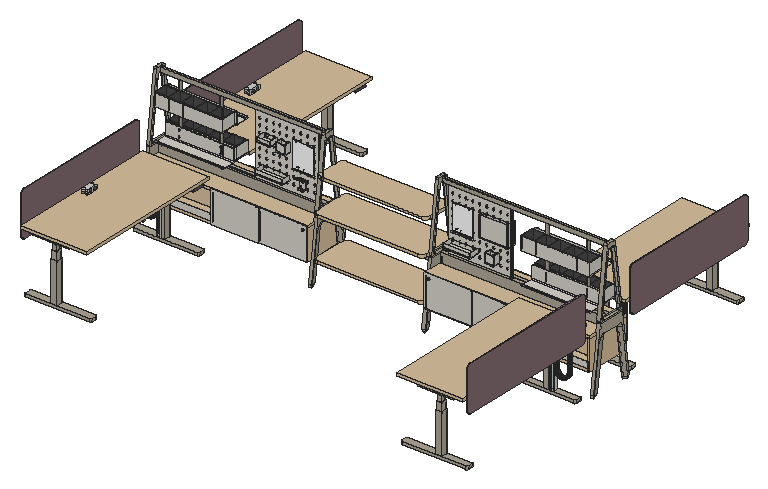
Revit family "Layout-Teknion-Expansion_Cityline_Upper_Structure_01-R2021", category Furniture Systems, Revit 2021 (continued)
Definition of nested family "Worksurface-Teknion-JNXRW_hiSpace_Rectangular_Worksurface_With_Quick_Connect_Kit-R2021"
  Parameters (values of type "Diamond & Square Cut-Outs - Left")
    Worksurface Finish [instance] = none
    Width Configuration Distance [instance] = if(Standard Width, 4.110", if([User Optimized Width (Accessory Restriction)], 1.110", 1.110"))  # 4.110"
    Width Configuration Option [instance] = "Select Width Configuration. Standard Width are Default"  # constant formula
    Width [instance] = 52.000"
    Warranty = "http://www.teknion.com/ca/papers/legal-canada"
    User Optimized Width (Accessory Restriction) [instance] = no
    Unit Weight URL = "http://www.teknion.com/ca/tools/assets#&asset=bee6a381-b954-425e-8283-5a2de3a804f2,f828d448-4b62-4231-9e5f-9a8991c0ed77"
    URL = "www.teknion.com"
    To render please download texture images found here [instance] = "https://assets.teknion.com/web/5e81352c1dfdb467/revit-material-swatches/"
    Sustainability Data = "https://www.teknion.com/ca/tools/assets#&topic=216f99a5-57a0-44fc-b10a-9dee9b29ae4c&asset=444deb64-fe58-4b68-981e-f75e97781df7,b4ff2d81-9f2e-437d-9659-7cffb09c31cf"
    Standard Width [instance] = not([User Optimized Width (Accessory Restriction)])  # yes
    Standard [instance] = no
    Square Cut-Out - Distance [instance] = if((and(Width < 48.000", Depth = 23.000")), 14.053", if((and(Width > 48.000", Depth = 23.000")), 15.553", 4.553"))  # 15.553"
    SR - Square Cut-Out - Right = no
    SL - Square Cut-Out - Left = no
    SC - Square Cut-Out - Center = no
    Series = "Expansion Cityline"  # constant formula
    Product Page URL = "https://www.teknion.com/ca/products/product-details?productLineId=9ad2a26e-8e7a-673b-a6c8-ff05004460c4"
    Product Line = "Height-Adjustability"  # constant formula
    Product Documentation Link = "https://www.teknion.com/pricing/expansion-cityline/pdfs/JNXRW_ppg.pdf"
    Part Number = "JNXRW"  # constant formula
    Node - Cut-Out Right [instance] = or([CR - Diamond & Square Cut-Outs - Right], [DR - Diamond Cut-Out - Right], [SR - Square Cut-Out - Right])  # no
    Node - Cut-Out Left [instance] = or([CL - Diamond & Square Cut-Outs - Left], [DL - Diamond Cut-Out - Left], [SL - Square Cut-Out - Left])  # yes
    Node - Cut-Out Center [instance] = or([CL - Diamond & Square Cut-Outs - Left], [CR - Diamond & Square Cut-Outs - Right], [DC - Diamond Cut-Out - Center], [SC - Square Cut-Out - Center])  # yes
    NN - None = no
    Model = "JNXRWCC____CL"
    Masking Region - Standard Corner, SR [instance] = and(Standard, [SR - Square Cut-Out - Right])  # no
    Masking Region - Standard Corner, SL [instance] = and(Standard, [SL - Square Cut-Out - Left])  # no
    Masking Region - Standard Corner, SC [instance] = and(Standard, [SC - Square Cut-Out - Center])  # no
    Masking Region - Standard Corner, NN [instance] = and(Standard, [NN - None])  # no
    Masking Region - Standard Corner, DR [instance] = and(Standard, [DR - Diamond Cut-Out - Right])  # no
    Masking Region - Standard Corner, DL [instance] = and(Standard, [DL - Diamond Cut-Out - Left])  # no
    Masking Region - Standard Corner, DC [instance] = and(Standard, [DC - Diamond Cut-Out - Center])  # no
    Masking Region - Standard Corner, CR [instance] = and(Standard, [CR - Diamond & Square Cut-Outs - Right])  # no
    Masking Region - Standard Corner, CL [instance] = and(Standard, [CL - Diamond & Square Cut-Outs - Left])  # no
    Masking Region - Curved Corner, SR [instance] = and(Curved, [SR - Square Cut-Out - Right])  # no
    Masking Region - Curved Corner, SL [instance] = and(Curved, [SL - Square Cut-Out - Left])  # no
    Masking Region - Curved Corner, SC [instance] = and(Curved, [SC - Square Cut-Out - Center])  # no
    Masking Region - Curved Corner, NN [instance] = and(Curved, [NN - None])  # no
    Masking Region - Curved Corner, DR [instance] = and(Curved, [DR - Diamond Cut-Out - Right])  # no
    Masking Region - Curved Corner, DL [instance] = and(Curved, [DL - Diamond Cut-Out - Left])  # no
    Masking Region - Curved Corner, DC [instance] = and(Curved, [DC - Diamond Cut-Out - Center])  # no
    Masking Region - Curved Corner, CR [instance] = and(Curved, [CR - Diamond & Square Cut-Outs - Right])  # no
    Masking Region - Curved Corner, CL [instance] = and(Curved, [CL - Diamond & Square Cut-Outs - Left])  # yes
    Manufacturer Phone = "416-661-3370"  # constant formula
    Manufacturer Fax = "416.661.4586"  # constant formula
    Manufacturer Contact Information = "http://www.teknion.com/ca/contactus"
    Manufacturer Address = "1150 Flint Road, Toronto, ON. M3J 2J5. Canada"  # constant formula
    Manufacturer = "Teknion"  # constant formula
    How To Use Teknion Materials User Guide [instance] = "https://assets.teknion.com/m/205dd0a49fa58060/original/How-to-add-a-Material-Library-and-Texture-Images-to-your-Revit-project.pdf"
    Grommet - Square Right = or([SR - Square Cut-Out - Right], [CR - Diamond & Square Cut-Outs - Right])  # no
    Grommet - Square Left = or([SL - Square Cut-Out - Left], [CL - Diamond & Square Cut-Outs - Left])  # yes
    Grommet - Square Center = [SC - Square Cut-Out - Center]  # no
    Frame Finish [instance] = none
    For Additional Finishes please visit [instance] = "https://assets.teknion.com/m/44a8009b046e5d47/original/Teknion_Materials_Library.zip"
    Diamond Cut-Out - Distance [instance] = if((Depth = 23.000"), 14.358", 3.358")  # 14.358"
    Description = "hiSpace Rectangular Worksurface With Quick Connect Kit - C-Legs Leg Application, Diamond & Square Cut-Outs - Left Cut-Out Style"
    Depth [instance] = 23.000"
    Default Elevation = 0.000"
    DR - Diamond Cut-Out - Right = no
    DL - Diamond Cut-Out - Left = no
    DC - Diamond Cut-Out - Center = no
    Cut-Out Style Option = "Cut-Out Style"  # constant formula
    Cut-Out - Square Right = if([SR - Square Cut-Out - Right], 10.000", if([CR - Diamond & Square Cut-Outs - Right], 10.000", 0.500"))  # 0.500"
    Cut-Out - Square Left = if([SL - Square Cut-Out - Left], 10.000", if([CL - Diamond & Square Cut-Outs - Left], 10.000", 0.500"))  # 10.000"
    Cut-Out - Square Center = if([SC - Square Cut-Out - Center], 10.000", 0.500")  # 0.500"
    Cut-Out - Diamond Right = if([DR - Diamond Cut-Out - Right], 10.000", 0.500")  # 0.500"
    Cut-Out - Diamond Left = if([DL - Diamond Cut-Out - Left], 10.000", 0.500")  # 0.500"
    Cut-Out - Diamond Center = if([DC - Diamond Cut-Out - Center], 10.000", if([CL - Diamond & Square Cut-Outs - Left], 10.000", if([CR - Diamond & Square Cut-Outs - Right], 10.000", 0.500")))  # 10.000"
    Curved [instance] = not(Standard)  # yes
    Corner Detail Option [instance] = "Select Corner Detail. Curved are Default"  # constant formula
    CR - Diamond & Square Cut-Outs - Right = no
    CL - Diamond & Square Cut-Outs - Left = yes
    Available Width [instance] = if([DC - Diamond Cut-Out - Center], "46, 52, 55, 58, 61, 64, 67 & 70 Inch", "46, 49, 52, 55, 58, 61, 64, 67 & 70 Inch")  # "46, 49, 52, 55, 58, 61, 64, 67 & 70 Inch"
    Available Depth [instance] = if(or([DL - Diamond Cut-Out - Left], [DR - Diamond Cut-Out - Right]), "23 & 29 Inch. Depth 23 Inch not Available for Width 46.", "23 & 29 Inch")  # "23 & 29 Inch"
    Assembly Code = "E2020200"
  Types (10): name | Width Configuration Distance | Width | User Optimized Width (Accessory Restriction) | Standard Width | Standard | Square Cut-Out - Distance | SR - Square Cut-Out - Right | SL - Square Cut-Out - Left | SC - Square Cut-Out - Center | Node - Cut-Out Right | Node - Cut-Out Left | Node - Cut-Out Center | NN - None | Model | Masking Region - Standard Corner, DC | Masking Region - Curved Corner, SR | Masking Region - Curved Corner, SL | Masking Region - Curved Corner, SC | Masking Region - Curved Corner, NN | Masking Region - Curved Corner, DR | Masking Region - Curved Corner, DL | Masking Region - Curved Corner, CR | Masking Region - Curved Corner, CL | Grommet - Square Right | Grommet - Square Left | Grommet - Square Center | Description | DR - Diamond Cut-Out - Right | DL - Diamond Cut-Out - Left | DC - Diamond Cut-Out - Center | Cut-Out - Square Right | Cut-Out - Square Left | Cut-Out - Square Center | Cut-Out - Diamond Right | Cut-Out - Diamond Left | Cut-Out - Diamond Center | Curved | CR - Diamond & Square Cut-Outs - Right | CL - Diamond & Square Cut-Outs - Left | Available Width | Available Depth
    (no name) | 4.110" | 52.000" | no | yes | no | 15.553" | no | no | no | no | yes | yes | no | "JNXRWCC____CL" | no | no | no | no | no | no | no | no | yes | no | yes | no | "hiSpace Rectangular Worksurface With Quick Connect Kit - C-Legs Leg Application, Diamond & Square Cut-Outs - Left Cut-Out Style" | no | no | no | 0.500" | 10.000" | 0.500" | 0.500" | 0.500" | 10.000" | yes | no | yes | "46, 49, 52, 55, 58, 61, 64, 67 & 70 Inch" | "23 & 29 Inch"
    Diamond & Square Cut-Outs - Left | 4.110" | 52.000" | no | yes | no | 15.553" | no | no | no | no | yes | yes | no | "JNXRWCC____CL" | no | no | no | no | no | no | no | no | yes | no | yes | no | "hiSpace Rectangular Worksurface With Quick Connect Kit - C-Legs Leg Application, Diamond & Square Cut-Outs - Left Cut-Out Style" | no | no | no | 0.500" | 10.000" | 0.500" | 0.500" | 0.500" | 10.000" | yes | no | yes | "46, 49, 52, 55, 58, 61, 64, 67 & 70 Inch" | "23 & 29 Inch"
    Diamond & Square Cut-Outs - Right | 4.110" | 70.000" | no | yes | no | 15.553" | no | no | no | yes | no | yes | no | "JNXRWCC____CR" | no | no | no | no | no | no | no | yes | no | yes | no | no | "hiSpace Rectangular Worksurface With Quick Connect Kit - C-Legs Leg Application, Diamond & Square Cut-Outs - Right Cut-Out Style" | no | no | no | 10.000" | 0.500" | 0.500" | 0.500" | 0.500" | 10.000" | yes | yes | no | "46, 49, 52, 55, 58, 61, 64, 67 & 70 Inch" | "23 & 29 Inch"
    Diamond Cut-Out - Center | 1.110" | 52.000" | yes | no | yes | 15.553" | no | no | no | no | no | yes | no | "JNXRWCC____DC" | yes | no | no | no | no | no | no | no | no | no | no | no | "hiSpace Rectangular Worksurface With Quick Connect Kit - C-Legs Leg Application, Diamond Cut-Out - Center Cut-Out Style" | no | no | yes | 0.500" | 0.500" | 0.500" | 0.500" | 0.500" | 10.000" | no | no | no | "46, 52, 55, 58, 61, 64, 67 & 70 Inch" | "23 & 29 Inch"
    Diamond Cut-Out - Left | 4.110" | 52.000" | no | yes | no | 15.553" | no | no | no | no | yes | no | no | "JNXRWCC____DL" | no | no | no | no | no | no | yes | no | no | no | no | no | "hiSpace Rectangular Worksurface With Quick Connect Kit - C-Legs Leg Application, Diamond Cut-Out - Left Cut-Out Style" | no | yes | no | 0.500" | 0.500" | 0.500" | 0.500" | 10.000" | 0.500" | yes | no | no | "46, 49, 52, 55, 58, 61, 64, 67 & 70 Inch" | "23 & 29 Inch. Depth 23 Inch not Available for Width 46."
    Diamond Cut-Out - Right | 4.110" | 52.000" | no | yes | no | 15.553" | no | no | no | yes | no | no | no | "JNXRWCC____DR" | no | no | no | no | no | yes | no | no | no | no | no | no | "hiSpace Rectangular Worksurface With Quick Connect Kit - C-Legs Leg Application, Diamond Cut-Out - Right Cut-Out Style" | yes | no | no | 0.500" | 0.500" | 0.500" | 10.000" | 0.500" | 0.500" | yes | no | no | "46, 49, 52, 55, 58, 61, 64, 67 & 70 Inch" | "23 & 29 Inch. Depth 23 Inch not Available for Width 46."
    None Cut-Out | 4.110" | 52.000" | no | yes | no | 15.553" | no | no | no | no | no | no | yes | "JNXRWCC____NN" | no | no | no | no | yes | no | no | no | no | no | no | no | "hiSpace Rectangular Worksurface With Quick Connect Kit - C-Legs Leg Application, None Cut-Out Style" | no | no | no | 0.500" | 0.500" | 0.500" | 0.500" | 0.500" | 0.500" | yes | no | no | "46, 49, 52, 55, 58, 61, 64, 67 & 70 Inch" | "23 & 29 Inch"
    Square Cut-Out - Center | 4.110" | 52.000" | no | yes | no | 15.553" | no | no | yes | no | no | yes | no | "JNXRWCC____SC" | no | no | no | yes | no | no | no | no | no | no | no | yes | "hiSpace Rectangular Worksurface With Quick Connect Kit - C-Legs Leg Application, Square Cut-Out - Center Cut-Out Style" | no | no | no | 0.500" | 0.500" | 10.000" | 0.500" | 0.500" | 0.500" | yes | no | no | "46, 49, 52, 55, 58, 61, 64, 67 & 70 Inch" | "23 & 29 Inch"
    Square Cut-Out - Left | 4.110" | 46.000" | no | yes | no | 14.053" | no | yes | no | no | yes | no | no | "JNXRWCC____SL" | no | no | yes | no | no | no | no | no | no | no | yes | no | "hiSpace Rectangular Worksurface With Quick Connect Kit - C-Legs Leg Application, Square Cut-Out - Left Cut-Out Style" | no | no | no | 0.500" | 10.000" | 0.500" | 0.500" | 0.500" | 0.500" | yes | no | no | "46, 49, 52, 55, 58, 61, 64, 67 & 70 Inch" | "23 & 29 Inch"
    Square Cut-Out - Right | 4.110" | 52.000" | no | yes | no | 15.553" | yes | no | no | yes | no | no | no | "JNXRWCC____SR" | no | yes | no | no | no | no | no | no | no | yes | no | no | "hiSpace Rectangular Worksurface With Quick Connect Kit - C-Legs Leg Application, Square Cut-Out - Right Cut-Out Style" | no | no | no | 10.000" | 0.500" | 0.500" | 0.500" | 0.500" | 0.500" | yes | no | no | "46, 49, 52, 55, 58, 61, 64, 67 & 70 Inch" | "23 & 29 Inch"
  Reference planes (in)
    plane 1 "Center Front/Back": y = 0
    plane 2: z = 0
    plane 3 "Center Left/Right": x = 0
    plane 4 "Left": x = -26
    plane 5 "Right": x = 26
    plane 6 "Back": y = 11.5
    plane 7 "Front": y = -11.5
    plane 8 "Top": z = 29
    plane 9: x = -21.89
    plane 10: x = 21.89
    plane 11: z = 27.81102
  Forms (in)
    Sweep 1, solid, material <- "Worksurface Finish", visible <- "Standard"
      path origin (0, 0, 0) x (1, 0, 0) y (0, 0, 1)
        loop
          line (0, 29) -> (0, 27.81102)
      profile origin (0, 0, 28.40551) x (0, -1, 0) y (1, 0, 0)
        loop
          line (-11.5, -26) -> (11.5, -26) -> (11.5, 26) -> (-11.5, 26) -> (-11.5, -26)
    Sweep 2, solid, material <- "Frame Finish"
      path origin (0, 0, 0) x (1, 0, 0) y (0, 1, 0)
        loop
          line (20.55118, 0) -> (-20.55118, 0)
      profile origin (0, 0, 0) x (0, -1, 0) y (0, 0, 1)
        loop
          line (1.34638, 27.69291) -> (2.09441, 27.69291) -> (2.09441, 27.81102) -> (1.22827, 27.81102) -> (1.22827, 26.70866) -> (1.34638, 26.70866) -> (1.34638, 27.69291)
        loop
          line (-5.10638, 26.70866) -> (-4.98827, 26.70866) -> (-4.98827, 27.81102) -> (-5.85441, 27.81102) -> (-5.85441, 27.69291) -> (-5.10638, 27.69291) -> (-5.10638, 26.70866)
    Sweep 3, solid, material <- "Frame Finish"
      path origin (0, 0, 0) x (1, 0, 0) y (0, 1, 0)
        loop
          line (0, 9.75402) -> (0, -5.99402)
      profile origin (0, 1.88, 0) x (1, 0, 0) y (0, 0, 1)
        loop
          line (-21.77189, 27.69291) -> (-20.61047, 27.69291) -> (-20.61047, 27.81102) -> (-21.89, 27.81102) -> (-21.89, 26.59055) -> (-21.77189, 26.59055) -> (-21.77189, 27.69291)
        loop
          line (21.77189, 27.69291) -> (21.77189, 26.59055) -> (21.89, 26.59055) -> (21.89, 27.81102) -> (20.61047, 27.81102) -> (20.61047, 27.69291) -> (21.77189, 27.69291)
    Sweep 4, solid, material <- "Frame Finish"
      path origin (0, 0, 0) x (1, 0, 0) y (0, 1, 0)
        loop
          line (-9.17346, 0) -> (-20.61047, 0)
      profile origin (-14.89197, 0, 0) x (0, -1, 0) y (0, 0, 1)
        loop
          line (0.03929, 26.62205) -> (1.22827, 26.62205) -> (1.22827, 27.81102) -> (0.03929, 27.81102) -> (0.03929, 26.62205)
        loop
          line (-4.98827, 26.62205) -> (-3.79929, 26.62205) -> (-3.79929, 27.81102) -> (-4.98827, 27.81102) -> (-4.98827, 26.62205)
    Sweep 5, solid, material <- "Frame Finish"
      path origin (0, 0, 0) x (1, 0, 0) y (0, 1, 0)
        loop
          line (9.17346, 0) -> (20.61047, 0)
      profile origin (14.89197, 0, 0) x (0, 1, 0) y (0, 0, 1)
        loop
          line (-0.03929, 26.62205) -> (-0.03929, 27.81102) -> (-1.22827, 27.81102) -> (-1.22827, 26.62205) -> (-0.03929, 26.62205)
        loop
          line (3.79929, 26.62205) -> (4.98827, 26.62205) -> (4.98827, 27.81102) -> (3.79929, 27.81102) -> (3.79929, 26.62205)
    Sweep 6, solid, material <- "Frame Finish"
      path origin (0, 0, 0) x (1, 0, 0) y (0, 0, 1)
        loop
          line (0, 27.69291) -> (0, 27.81102)
      profile origin (0, 0, 27.75197) x (-1, 0, 0) y (0, -1, 0)
        loop
          line (11.92937, -3.79929) -> (11.92937, 0.03929) -> (10.74827, 0.03929) -> (10.74827, -0.80414)
          arc (10.74827, -0.80414) -> (11.31913, -1.88) -> (10.74827, -2.95586) r 1.29921
          line (10.74827, -2.95586) -> (10.74827, -3.79929) -> (11.92937, -3.79929)
        loop
          line (-11.92937, 0.03929) -> (-11.92937, -3.79929) -> (-10.74827, -3.79929) -> (-10.74827, -2.95586)
          arc (-10.74827, -2.95586) -> (-11.31913, -1.88) -> (-10.74827, -0.80414) r 1.29921
          line (-10.74827, -0.80414) -> (-10.74827, 0.03929) -> (-11.92937, 0.03929)
    Sweep 7, solid, material <- "Worksurface Finish", visible <- "Curved"
      path origin (0, 0, 0) x (1, 0, 0) y (0, 0, 1)
        loop
          line (0, 29) -> (0, 27.81102)
      profile origin (0, 0, 28.40551) x (0, -1, 0) y (1, 0, 0)
        loop
          line (-8.62598, -26) -> (8.62598, -26)
          arc (8.62598, -26) -> (10.65822, -25.15822) -> (11.5, -23.12598) r 2.87402
          line (11.5, -23.12598) -> (11.5, 23.12598)
          arc (11.5, 23.12598) -> (10.65822, 25.15822) -> (8.62598, 26) r 2.87402
          line (8.62598, 26) -> (-8.62598, 26)
          arc (-8.62598, 26) -> (-10.65822, 25.15822) -> (-11.5, 23.12598) r 2.87402
          line (-11.5, 23.12598) -> (-11.5, -23.12598)
          arc (-11.5, -23.12598) -> (-10.65822, -25.15822) -> (-8.62598, -26) r 2.87402
    Sweep 8, void
      path origin (0, 0, 0) x (1, 0, 0) y (0, 0, 1)
        loop
          line (0, 33) -> (0, 32.5)
      profile origin (0, 0, 32.75) x (0, -1, 0) y (1, 0, 0)
        loop
          arc (-8.58465, 10.447) -> (-8.83965, 10.34137) -> (-8.94528, 10.08637) r 0.36063
          line (-8.94528, 10.08637) -> (-8.94528, 8.91314)
          arc (-8.94528, 8.91314) -> (-8.83965, 8.65814) -> (-8.58465, 8.55251) r 0.36063
          line (-8.58465, 8.55251) -> (-7.41142, 8.55251)
          arc (-7.41142, 8.55251) -> (-7.15641, 8.65814) -> (-7.05079, 8.91314) r 0.36063
          line (-7.05079, 8.91314) -> (-7.05079, 10.08637)
          arc (-7.05079, 10.08637) -> (-7.15641, 10.34137) -> (-7.41142, 10.447) r 0.36063
          line (-7.41142, 10.447) -> (-8.58465, 10.447)
    Sweep 9, void
      path origin (0, 0, 0) x (1, 0, 0) y (0, 0, 1)
        loop
          line (0, 33) -> (0, 23)
      profile origin (0, 0, 28) x (0, -1, 0) y (1, 0, 0)
        loop
          line (-7.41142, -8.55251) -> (-8.58465, -8.55251)
          arc (-8.58465, -8.55251) -> (-8.83965, -8.65814) -> (-8.94528, -8.91314) r 0.36063
          line (-8.94528, -8.91314) -> (-8.94528, -10.08637)
          arc (-8.94528, -10.08637) -> (-8.83965, -10.34137) -> (-8.58465, -10.447) r 0.36063
          line (-8.58465, -10.447) -> (-7.41142, -10.447)
          arc (-7.41142, -10.447) -> (-7.15641, -10.34137) -> (-7.05079, -10.08637) r 0.36063
          line (-7.05079, -10.08637) -> (-7.05079, -8.91314)
          arc (-7.05079, -8.91314) -> (-7.15641, -8.65814) -> (-7.41142, -8.55251) r 0.36063
    Sweep 10, void
      path origin (0, 0, 0) x (1, 0, 0) y (0, 0, 1)
        loop
          line (0, 33) -> (0, 32.5)
      profile origin (0, 0, 32.75) x (0, -1, 0) y (1, 0, 0)
        loop
          arc (-8.58465, 0.94724) -> (-8.83965, 0.84162) -> (-8.94528, 0.58661) r 0.36063
          line (-8.94528, 0.58661) -> (-8.94528, -0.58661)
          arc (-8.94528, -0.58661) -> (-8.83965, -0.84162) -> (-8.58465, -0.94724) r 0.36063
          line (-8.58465, -0.94724) -> (-7.41142, -0.94724)
          arc (-7.41142, -0.94724) -> (-7.15641, -0.84162) -> (-7.05079, -0.58661) r 0.36063
          line (-7.05079, -0.58661) -> (-7.05079, 0.58661)
          arc (-7.05079, 0.58661) -> (-7.15641, 0.84162) -> (-7.41142, 0.94724) r 0.36063
          line (-7.41142, 0.94724) -> (-8.58465, 0.94724)
    Sweep 11, solid, visible <- "Grommet - Square Center"
      path origin (0, 0, 0) x (1, 0, 0) y (0, 0, 1)
        loop
          line (0, 29) -> (0, 27.44488)
      profile origin (0, 0, 28.22244) x (0, -1, 0) y (1, 0, 0)
        loop
          arc (-8.87441, -0.58661) -> (-8.78954, -0.79151) -> (-8.58465, -0.87638) r 0.28976
          line (-8.58465, -0.87638) -> (-7.41142, -0.87638)
          arc (-7.41142, -0.87638) -> (-7.20652, -0.79151) -> (-7.12165, -0.58661) r 0.28976
          line (-7.12165, -0.58661) -> (-7.12165, 0.58661)
          arc (-7.12165, 0.58661) -> (-7.20652, 0.79151) -> (-7.41142, 0.87638) r 0.28976
          line (-7.41142, 0.87638) -> (-8.58465, 0.87638)
          arc (-8.58465, 0.87638) -> (-8.78954, 0.79151) -> (-8.87441, 0.58661) r 0.28976
          line (-8.87441, 0.58661) -> (-8.87441, -0.58661)
        loop
          arc (-8.94528, -0.58661) -> (-8.83965, -0.84162) -> (-8.58465, -0.94724) r 0.36063
          line (-8.58465, -0.94724) -> (-7.41142, -0.94724)
          arc (-7.41142, -0.94724) -> (-7.15641, -0.84162) -> (-7.05079, -0.58661) r 0.36063
          line (-7.05079, -0.58661) -> (-7.05079, 0.58661)
          arc (-7.05079, 0.58661) -> (-7.15641, 0.84162) -> (-7.41142, 0.94724) r 0.36063
          line (-7.41142, 0.94724) -> (-8.58465, 0.94724)
          arc (-8.58465, 0.94724) -> (-8.83965, 0.84162) -> (-8.94528, 0.58661) r 0.36063
          line (-8.94528, 0.58661) -> (-8.94528, -0.58661)
    Sweep 12, solid, visible <- "Grommet - Square Right"
      path origin (0, 0, 0) x (1, 0, 0) y (0, 0, 1)
        loop
          line (26, 27.44488) -> (26, 29)
      profile origin (26, 0, 28.22244) x (-1, 0, 0) y (0, -1, 0)
        loop
          arc (17.08686, -8.87441) -> (17.29175, -8.78954) -> (17.37662, -8.58465) r 0.28976
          line (17.37662, -8.58465) -> (17.37662, -7.41142)
          arc (17.37662, -7.41142) -> (17.29175, -7.20652) -> (17.08686, -7.12165) r 0.28976
          line (17.08686, -7.12165) -> (15.91363, -7.12165)
          arc (15.91363, -7.12165) -> (15.70874, -7.20652) -> (15.62387, -7.41142) r 0.28976
          line (15.62387, -7.41142) -> (15.62387, -8.58465)
          arc (15.62387, -8.58465) -> (15.70874, -8.78954) -> (15.91363, -8.87441) r 0.28976
          line (15.91363, -8.87441) -> (17.08686, -8.87441)
        loop
          line (15.91363, -8.94528) -> (17.08686, -8.94528)
          arc (17.08686, -8.94528) -> (17.34186, -8.83965) -> (17.44749, -8.58465) r 0.36063
          line (17.44749, -8.58465) -> (17.44749, -7.41142)
          arc (17.44749, -7.41142) -> (17.34186, -7.15641) -> (17.08686, -7.05079) r 0.36063
          line (17.08686, -7.05079) -> (15.91363, -7.05079)
          arc (15.91363, -7.05079) -> (15.65863, -7.15641) -> (15.553, -7.41142) r 0.36063
          line (15.553, -7.41142) -> (15.553, -8.58465)
          arc (15.553, -8.58465) -> (15.65863, -8.83965) -> (15.91363, -8.94528) r 0.36063
    Sweep 13, solid, visible <- "Grommet - Square Left"
      path origin (0, 0, 0) x (1, 0, 0) y (0, 0, 1)
        loop
          line (-26, 27.44488) -> (-26, 29)
      profile origin (-26, 0, 28.22244) x (-1, 0, 0) y (0, -1, 0)
        loop
          arc (-15.91363, -8.87441) -> (-15.70874, -8.78954) -> (-15.62387, -8.58465) r 0.28976
          line (-15.62387, -8.58465) -> (-15.62387, -7.41142)
          arc (-15.62387, -7.41142) -> (-15.70874, -7.20652) -> (-15.91363, -7.12165) r 0.28976
          line (-15.91363, -7.12165) -> (-17.08686, -7.12165)
          arc (-17.08686, -7.12165) -> (-17.29175, -7.20652) -> (-17.37662, -7.41142) r 0.28976
          line (-17.37662, -7.41142) -> (-17.37662, -8.58465)
          arc (-17.37662, -8.58465) -> (-17.29175, -8.78954) -> (-17.08686, -8.87441) r 0.28976
          line (-17.08686, -8.87441) -> (-15.91363, -8.87441)
        loop
          line (-17.08686, -8.94528) -> (-15.91363, -8.94528)
          arc (-15.91363, -8.94528) -> (-15.65863, -8.83965) -> (-15.553, -8.58465) r 0.36063
          line (-15.553, -8.58465) -> (-15.553, -7.41142)
          arc (-15.553, -7.41142) -> (-15.65863, -7.15641) -> (-15.91363, -7.05079) r 0.36063
          line (-15.91363, -7.05079) -> (-17.08686, -7.05079)
          arc (-17.08686, -7.05079) -> (-17.34186, -7.15641) -> (-17.44749, -7.41142) r 0.36063
          line (-17.44749, -7.41142) -> (-17.44749, -8.58465)
          arc (-17.44749, -8.58465) -> (-17.34186, -8.83965) -> (-17.08686, -8.94528) r 0.36063
    Sweep 14, void
      path origin (0, 0, 0) x (1, 0, 0) y (0, 0, 1)
        loop
          line (0, 34) -> (0, 24)
      profile origin (0, 0, 29) x (0, -1, 0) y (1, 0, 0)
        loop
          arc (-9.02424, 0.29194) -> (-9.06496, 0) -> (-9.02424, -0.29194) r 1.06693
          line (-9.02424, -0.29194) -> (-8.49788, -2.1422)
          arc (-8.49788, -2.1422) -> (-7.99803, -2.51969) -> (-7.49818, -2.1422) r 0.51969
          line (-7.49818, -2.1422) -> (-6.97182, -0.29194)
          arc (-6.97182, -0.29194) -> (-6.9311, 0) -> (-6.97182, 0.29194) r 1.06693
          line (-6.97182, 0.29194) -> (-7.49818, 2.1422)
          arc (-7.49818, 2.1422) -> (-7.99803, 2.51969) -> (-8.49788, 2.1422) r 0.51969
          line (-8.49788, 2.1422) -> (-9.02424, 0.29194)
    Sweep 15, void
      path origin (0, 0, 0) x (1, 0, 0) y (0, 0, 1)
        loop
          line (0, 34) -> (0, 33.5)
      profile origin (0, 0, 33.75) x (0, -1, 0) y (1, 0, 0)
        loop
          line (-9.02424, -9.79174) -> (-8.49788, -11.642)
          arc (-8.49788, -11.642) -> (-7.99803, -12.01949) -> (-7.49818, -11.642) r 0.51969
          line (-7.49818, -11.642) -> (-6.97182, -9.79174)
          arc (-6.97182, -9.79174) -> (-6.9311, -9.4998) -> (-6.97182, -9.20787) r 1.06693
          line (-6.97182, -9.20787) -> (-7.49818, -7.35761)
          arc (-7.49818, -7.35761) -> (-7.99803, -6.98012) -> (-8.49788, -7.35761) r 0.51969
          line (-8.49788, -7.35761) -> (-9.02424, -9.20787)
          arc (-9.02424, -9.20787) -> (-9.06496, -9.4998) -> (-9.02424, -9.79174) r 1.06693
    Sweep 16, void
      path origin (0, 0, 0) x (1, 0, 0) y (0, 0, 1)
        loop
          line (0, 34) -> (0, 33.5)
      profile origin (0, 0, 33.75) x (0, -1, 0) y (1, 0, 0)
        loop
          arc (-9.02424, 9.79174) -> (-9.06496, 9.4998) -> (-9.02424, 9.20787) r 1.06693
          line (-9.02424, 9.20787) -> (-8.49788, 7.35761)
          arc (-8.49788, 7.35761) -> (-7.99803, 6.98012) -> (-7.49818, 7.35761) r 0.51969
          line (-7.49818, 7.35761) -> (-6.97182, 9.20787)
          arc (-6.97182, 9.20787) -> (-6.9311, 9.4998) -> (-6.97182, 9.79174) r 1.06693
          line (-6.97182, 9.79174) -> (-7.49818, 11.642)
          arc (-7.49818, 11.642) -> (-7.99803, 12.01949) -> (-8.49788, 11.642) r 0.51969
          line (-8.49788, 11.642) -> (-9.02424, 9.79174)
  Cuts and joins
    Sweep 8, Sweep 9, Sweep 10, Sweep 14, Sweep 15, Sweep 16 cuts Sweep 7
    Sweep 8, Sweep 9, Sweep 10, Sweep 14, Sweep 15, Sweep 16 cuts Sweep 1
  Lines and regions (in)
    Masking region 1, visible <- "Masking Region - Standard Corner, NN"
      outline origin (0, 0, 0) x (1, 0, 0) y (0, 1, 0)
        loop
          line (26, 11.5) -> (-26, 11.5) -> (-26, -11.5) -> (26, -11.5) -> (26, 11.5)
    Masking region 2, visible <- "Masking Region - Curved Corner, NN"
      outline origin (0, 0, 0) x (1, 0, 0) y (0, 1, 0)
        loop
          arc (-23.12598, 11.5) -> (-25.15822, 10.65822) -> (-26, 8.62598) r 2.87402
          line (-26, 8.62598) -> (-26, -8.62598)
          arc (-26, -8.62598) -> (-25.15822, -10.65822) -> (-23.12598, -11.5) r 2.87402
          line (-23.12598, -11.5) -> (23.12598, -11.5)
          arc (23.12598, -11.5) -> (25.15822, -10.65822) -> (26, -8.62598) r 2.87402
          line (26, -8.62598) -> (26, 8.62598)
          arc (26, 8.62598) -> (25.15822, 10.65822) -> (23.12598, 11.5) r 2.87402
          line (23.12598, 11.5) -> (-23.12598, 11.5)
    Masking region 3, visible <- "Masking Region - Standard Corner, SC"
      outline origin (0, 0, 0) x (1, 0, 0) y (0, 1, 0)
        loop
          line (26, 11.5) -> (-26, 11.5) -> (-26, -11.5) -> (26, -11.5) -> (26, 11.5)
        loop
          arc (-0.58661, 8.87441) -> (-0.79151, 8.78954) -> (-0.87638, 8.58465) r 0.28976
          line (-0.87638, 8.58465) -> (-0.87638, 7.41142)
          arc (-0.87638, 7.41142) -> (-0.79151, 7.20652) -> (-0.58661, 7.12165) r 0.28976
          line (-0.58661, 7.12165) -> (0.58661, 7.12165)
          arc (0.58661, 7.12165) -> (0.79151, 7.20652) -> (0.87638, 7.41142) r 0.28976
          line (0.87638, 7.41142) -> (0.87638, 8.58465)
          arc (0.87638, 8.58465) -> (0.79151, 8.78954) -> (0.58661, 8.87441) r 0.28976
          line (0.58661, 8.87441) -> (-0.58661, 8.87441)
    Masking region 4, visible <- "Masking Region - Curved Corner, SC"
      outline origin (0, 0, 0) x (1, 0, 0) y (0, 1, 0)
        loop
          arc (-23.12598, 11.5) -> (-25.15822, 10.65822) -> (-26, 8.62598) r 2.87402
          line (-26, 8.62598) -> (-26, -8.62598)
          arc (-26, -8.62598) -> (-25.15822, -10.65822) -> (-23.12598, -11.5) r 2.87402
          line (-23.12598, -11.5) -> (23.12598, -11.5)
          arc (23.12598, -11.5) -> (25.15822, -10.65822) -> (26, -8.62598) r 2.87402
          line (26, -8.62598) -> (26, 8.62598)
          arc (26, 8.62598) -> (25.15822, 10.65822) -> (23.12598, 11.5) r 2.87402
          line (23.12598, 11.5) -> (-23.12598, 11.5)
        loop
          arc (-0.58661, 8.87441) -> (-0.79151, 8.78954) -> (-0.87638, 8.58465) r 0.28976
          line (-0.87638, 8.58465) -> (-0.87638, 7.41142)
          arc (-0.87638, 7.41142) -> (-0.79151, 7.20652) -> (-0.58661, 7.12165) r 0.28976
          line (-0.58661, 7.12165) -> (0.58661, 7.12165)
          arc (0.58661, 7.12165) -> (0.79151, 7.20652) -> (0.87638, 7.41142) r 0.28976
          line (0.87638, 7.41142) -> (0.87638, 8.58465)
          arc (0.87638, 8.58465) -> (0.79151, 8.78954) -> (0.58661, 8.87441) r 0.28976
          line (0.58661, 8.87441) -> (-0.58661, 8.87441)
    Masking region 5, visible <- "Masking Region - Standard Corner, SL"
      outline origin (0, 0, 0) x (1, 0, 0) y (0, 1, 0)
        loop
          line (26, 11.5) -> (-26, 11.5) -> (-26, -11.5) -> (26, -11.5) -> (26, 11.5)
        loop
          arc (-10.08637, 8.87441) -> (-10.29126, 8.78954) -> (-10.37613, 8.58465) r 0.28976
          line (-10.37613, 8.58465) -> (-10.37613, 7.41142)
          arc (-10.37613, 7.41142) -> (-10.29126, 7.20652) -> (-10.08637, 7.12165) r 0.28976
          line (-10.08637, 7.12165) -> (-8.91314, 7.12165)
          arc (-8.91314, 7.12165) -> (-8.70825, 7.20652) -> (-8.62338, 7.41142) r 0.28976
          line (-8.62338, 7.41142) -> (-8.62338, 8.58465)
          arc (-8.62338, 8.58465) -> (-8.70825, 8.78954) -> (-8.91314, 8.87441) r 0.28976
          line (-8.91314, 8.87441) -> (-10.08637, 8.87441)
    Masking region 6, visible <- "Masking Region - Curved Corner, SL"
      outline origin (0, 0, 0) x (1, 0, 0) y (0, 1, 0)
        loop
          arc (-23.12598, 11.5) -> (-25.15822, 10.65822) -> (-26, 8.62598) r 2.87402
          line (-26, 8.62598) -> (-26, -8.62598)
          arc (-26, -8.62598) -> (-25.15822, -10.65822) -> (-23.12598, -11.5) r 2.87402
          line (-23.12598, -11.5) -> (23.12598, -11.5)
          arc (23.12598, -11.5) -> (25.15822, -10.65822) -> (26, -8.62598) r 2.87402
          line (26, -8.62598) -> (26, 8.62598)
          arc (26, 8.62598) -> (25.15822, 10.65822) -> (23.12598, 11.5) r 2.87402
          line (23.12598, 11.5) -> (-23.12598, 11.5)
        loop
          arc (-10.08637, 8.87441) -> (-10.29126, 8.78954) -> (-10.37613, 8.58465) r 0.28976
          line (-10.37613, 8.58465) -> (-10.37613, 7.41142)
          arc (-10.37613, 7.41142) -> (-10.29126, 7.20652) -> (-10.08637, 7.12165) r 0.28976
          line (-10.08637, 7.12165) -> (-8.91314, 7.12165)
          arc (-8.91314, 7.12165) -> (-8.70825, 7.20652) -> (-8.62338, 7.41142) r 0.28976
          line (-8.62338, 7.41142) -> (-8.62338, 8.58465)
          arc (-8.62338, 8.58465) -> (-8.70825, 8.78954) -> (-8.91314, 8.87441) r 0.28976
          line (-8.91314, 8.87441) -> (-10.08637, 8.87441)
    Masking region 7, visible <- "Masking Region - Standard Corner, SR"
      outline origin (0, 0, 0) x (1, 0, 0) y (0, 1, 0)
        loop
          line (26, 11.5) -> (-26, 11.5) -> (-26, -11.5) -> (26, -11.5) -> (26, 11.5)
        loop
          arc (8.91314, 8.87441) -> (8.70825, 8.78954) -> (8.62338, 8.58465) r 0.28976
          line (8.62338, 8.58465) -> (8.62338, 7.41142)
          arc (8.62338, 7.41142) -> (8.70825, 7.20652) -> (8.91314, 7.12165) r 0.28976
          line (8.91314, 7.12165) -> (10.08637, 7.12165)
          arc (10.08637, 7.12165) -> (10.29126, 7.20652) -> (10.37613, 7.41142) r 0.28976
          line (10.37613, 7.41142) -> (10.37613, 8.58465)
          arc (10.37613, 8.58465) -> (10.29126, 8.78954) -> (10.08637, 8.87441) r 0.28976
          line (10.08637, 8.87441) -> (8.91314, 8.87441)
    Masking region 8, visible <- "Masking Region - Curved Corner, SR"
      outline origin (0, 0, 0) x (1, 0, 0) y (0, 1, 0)
        loop
          arc (-23.12598, 11.5) -> (-25.15822, 10.65822) -> (-26, 8.62598) r 2.87402
          line (-26, 8.62598) -> (-26, -8.62598)
          arc (-26, -8.62598) -> (-25.15822, -10.65822) -> (-23.12598, -11.5) r 2.87402
          line (-23.12598, -11.5) -> (23.12598, -11.5)
          arc (23.12598, -11.5) -> (25.15822, -10.65822) -> (26, -8.62598) r 2.87402
          line (26, -8.62598) -> (26, 8.62598)
          arc (26, 8.62598) -> (25.15822, 10.65822) -> (23.12598, 11.5) r 2.87402
          line (23.12598, 11.5) -> (-23.12598, 11.5)
        loop
          arc (8.91314, 8.87441) -> (8.70825, 8.78954) -> (8.62338, 8.58465) r 0.28976
          line (8.62338, 8.58465) -> (8.62338, 7.41142)
          arc (8.62338, 7.41142) -> (8.70825, 7.20652) -> (8.91314, 7.12165) r 0.28976
          line (8.91314, 7.12165) -> (10.08637, 7.12165)
          arc (10.08637, 7.12165) -> (10.29126, 7.20652) -> (10.37613, 7.41142) r 0.28976
          line (10.37613, 7.41142) -> (10.37613, 8.58465)
          arc (10.37613, 8.58465) -> (10.29126, 8.78954) -> (10.08637, 8.87441) r 0.28976
          line (10.08637, 8.87441) -> (8.91314, 8.87441)
    Masking region 9, visible <- "Masking Region - Standard Corner, DC"
      outline origin (0, 0, 0) x (1, 0, 0) y (0, 1, 0)
        loop
          line (26, 11.5) -> (-26, 11.5) -> (-26, -11.5) -> (26, -11.5) -> (26, 11.5)
        loop
          line (-0.29194, 9.02424) -> (-2.1422, 8.49788)
          arc (-2.1422, 8.49788) -> (-2.51969, 7.99803) -> (-2.1422, 7.49818) r 0.51969
          line (-2.1422, 7.49818) -> (-0.29194, 6.97182)
          arc (-0.29194, 6.97182) -> (0, 6.9311) -> (0.29194, 6.97182) r 1.06693
          line (0.29194, 6.97182) -> (2.1422, 7.49818)
          arc (2.1422, 7.49818) -> (2.51969, 7.99803) -> (2.1422, 8.49788) r 0.51969
          line (2.1422, 8.49788) -> (0.29194, 9.02424)
          arc (0.29194, 9.02424) -> (0, 9.06496) -> (-0.29194, 9.02424) r 1.06693
    Masking region 10, visible <- "Masking Region - Curved Corner, DC"
      outline origin (0, 0, 0) x (1, 0, 0) y (0, 1, 0)
        loop
          arc (-23.12598, 11.5) -> (-25.15822, 10.65822) -> (-26, 8.62598) r 2.87402
          line (-26, 8.62598) -> (-26, -8.62598)
          arc (-26, -8.62598) -> (-25.15822, -10.65822) -> (-23.12598, -11.5) r 2.87402
          line (-23.12598, -11.5) -> (23.12598, -11.5)
          arc (23.12598, -11.5) -> (25.15822, -10.65822) -> (26, -8.62598) r 2.87402
          line (26, -8.62598) -> (26, 8.62598)
          arc (26, 8.62598) -> (25.15822, 10.65822) -> (23.12598, 11.5) r 2.87402
          line (23.12598, 11.5) -> (-23.12598, 11.5)
        loop
          line (-2.1422, 7.49818) -> (-0.29194, 6.97182)
          arc (-0.29194, 6.97182) -> (0, 6.9311) -> (0.29194, 6.97182) r 1.06693
          line (0.29194, 6.97182) -> (2.1422, 7.49818)
          arc (2.1422, 7.49818) -> (2.51969, 7.99803) -> (2.1422, 8.49788) r 0.51969
          line (2.1422, 8.49788) -> (0.29194, 9.02424)
          arc (0.29194, 9.02424) -> (0, 9.06496) -> (-0.29194, 9.02424) r 1.06693
          line (-0.29194, 9.02424) -> (-2.1422, 8.49788)
          arc (-2.1422, 8.49788) -> (-2.51969, 7.99803) -> (-2.1422, 7.49818) r 0.51969
    Masking region 11, visible <- "Masking Region - Standard Corner, DL"
      outline origin (0, 0, 0) x (1, 0, 0) y (0, 1, 0)
        loop
          line (26, 11.5) -> (-26, 11.5) -> (-26, -11.5) -> (26, -11.5) -> (26, 11.5)
        loop
          line (-9.79174, 9.02424) -> (-11.642, 8.49788)
          arc (-11.642, 8.49788) -> (-12.01949, 7.99803) -> (-11.642, 7.49818) r 0.51969
          line (-11.642, 7.49818) -> (-9.79174, 6.97182)
          arc (-9.79174, 6.97182) -> (-9.4998, 6.9311) -> (-9.20787, 6.97182) r 1.06693
          line (-9.20787, 6.97182) -> (-7.35761, 7.49818)
          arc (-7.35761, 7.49818) -> (-6.98012, 7.99803) -> (-7.35761, 8.49788) r 0.51969
          line (-7.35761, 8.49788) -> (-9.20787, 9.02424)
          arc (-9.20787, 9.02424) -> (-9.4998, 9.06496) -> (-9.79174, 9.02424) r 1.06693
    Masking region 12, visible <- "Masking Region - Curved Corner, DL"
      outline origin (0, 0, 0) x (1, 0, 0) y (0, 1, 0)
        loop
          arc (-23.12598, 11.5) -> (-25.15822, 10.65822) -> (-26, 8.62598) r 2.87402
          line (-26, 8.62598) -> (-26, -8.62598)
          arc (-26, -8.62598) -> (-25.15822, -10.65822) -> (-23.12598, -11.5) r 2.87402
          line (-23.12598, -11.5) -> (23.12598, -11.5)
          arc (23.12598, -11.5) -> (25.15822, -10.65822) -> (26, -8.62598) r 2.87402
          line (26, -8.62598) -> (26, 8.62598)
          arc (26, 8.62598) -> (25.15822, 10.65822) -> (23.12598, 11.5) r 2.87402
          line (23.12598, 11.5) -> (-23.12598, 11.5)
        loop
          line (-9.79174, 9.02424) -> (-11.642, 8.49788)
          arc (-11.642, 8.49788) -> (-12.01949, 7.99803) -> (-11.642, 7.49818) r 0.51969
          line (-11.642, 7.49818) -> (-9.79174, 6.97182)
          arc (-9.79174, 6.97182) -> (-9.4998, 6.9311) -> (-9.20787, 6.97182) r 1.06693
          line (-9.20787, 6.97182) -> (-7.35761, 7.49818)
          arc (-7.35761, 7.49818) -> (-6.98012, 7.99803) -> (-7.35761, 8.49788) r 0.51969
          line (-7.35761, 8.49788) -> (-9.20787, 9.02424)
          arc (-9.20787, 9.02424) -> (-9.4998, 9.06496) -> (-9.79174, 9.02424) r 1.06693
    Masking region 13, visible <- "Masking Region - Standard Corner, DR"
      outline origin (0, 0, 0) x (1, 0, 0) y (0, 1, 0)
        loop
          line (26, 11.5) -> (-26, 11.5) -> (-26, -11.5) -> (26, -11.5) -> (26, 11.5)
        loop
          line (9.79174, 6.97182) -> (11.642, 7.49818)
          arc (11.642, 7.49818) -> (12.01949, 7.99803) -> (11.642, 8.49788) r 0.51969
          line (11.642, 8.49788) -> (9.79174, 9.02424)
          arc (9.79174, 9.02424) -> (9.4998, 9.06496) -> (9.20787, 9.02424) r 1.06693
          line (9.20787, 9.02424) -> (7.35761, 8.49788)
          arc (7.35761, 8.49788) -> (6.98012, 7.99803) -> (7.35761, 7.49818) r 0.51969
          line (7.35761, 7.49818) -> (9.20787, 6.97182)
          arc (9.20787, 6.97182) -> (9.4998, 6.9311) -> (9.79174, 6.97182) r 1.06693
    Masking region 14, visible <- "Masking Region - Curved Corner, DR"
      outline origin (0, 0, 0) x (1, 0, 0) y (0, 1, 0)
        loop
          arc (26, 8.62598) -> (25.15822, 10.65822) -> (23.12598, 11.5) r 2.87402
          line (23.12598, 11.5) -> (-23.12598, 11.5)
          arc (-23.12598, 11.5) -> (-25.15822, 10.65822) -> (-26, 8.62598) r 2.87402
          line (-26, 8.62598) -> (-26, -8.62598)
          arc (-26, -8.62598) -> (-25.15822, -10.65822) -> (-23.12598, -11.5) r 2.87402
          line (-23.12598, -11.5) -> (23.12598, -11.5)
          arc (23.12598, -11.5) -> (25.15822, -10.65822) -> (26, -8.62598) r 2.87402
          line (26, -8.62598) -> (26, 8.62598)
        loop
          arc (7.35761, 8.49788) -> (6.98012, 7.99803) -> (7.35761, 7.49818) r 0.51969
          line (7.35761, 7.49818) -> (9.20787, 6.97182)
          arc (9.20787, 6.97182) -> (9.4998, 6.9311) -> (9.79174, 6.97182) r 1.06693
          line (9.79174, 6.97182) -> (11.642, 7.49818)
          arc (11.642, 7.49818) -> (12.01949, 7.99803) -> (11.642, 8.49788) r 0.51969
          line (11.642, 8.49788) -> (9.79174, 9.02424)
          arc (9.79174, 9.02424) -> (9.4998, 9.06496) -> (9.20787, 9.02424) r 1.06693
          line (9.20787, 9.02424) -> (7.35761, 8.49788)
    Masking region 15, visible <- "Masking Region - Standard Corner, CL"
      outline origin (0, 0, 0) x (1, 0, 0) y (0, 1, 0)
        loop
          line (26, 11.5) -> (-26, 11.5) -> (-26, -11.5) -> (26, -11.5) -> (26, 11.5)
        loop
          line (0.29194, 6.97182) -> (2.1422, 7.49818)
          arc (2.1422, 7.49818) -> (2.51969, 7.99803) -> (2.1422, 8.49788) r 0.51969
          line (2.1422, 8.49788) -> (0.29194, 9.02424)
          arc (0.29194, 9.02424) -> (0, 9.06496) -> (-0.29194, 9.02424) r 1.06693
          line (-0.29194, 9.02424) -> (-2.1422, 8.49788)
          arc (-2.1422, 8.49788) -> (-2.51969, 7.99803) -> (-2.1422, 7.49818) r 0.51969
          line (-2.1422, 7.49818) -> (-0.29194, 6.97182)
          arc (-0.29194, 6.97182) -> (0, 6.9311) -> (0.29194, 6.97182) r 1.06693
        loop
          arc (-10.37613, 7.41142) -> (-10.29126, 7.20652) -> (-10.08637, 7.12165) r 0.28976
          line (-10.08637, 7.12165) -> (-8.91314, 7.12165)
          arc (-8.91314, 7.12165) -> (-8.70825, 7.20652) -> (-8.62338, 7.41142) r 0.28976
          line (-8.62338, 7.41142) -> (-8.62338, 8.58465)
          arc (-8.62338, 8.58465) -> (-8.70825, 8.78954) -> (-8.91314, 8.87441) r 0.28976
          line (-8.91314, 8.87441) -> (-10.08637, 8.87441)
          arc (-10.08637, 8.87441) -> (-10.29126, 8.78954) -> (-10.37613, 8.58465) r 0.28976
          line (-10.37613, 8.58465) -> (-10.37613, 7.41142)
    Masking region 16, visible <- "Masking Region - Curved Corner, CL"
      outline origin (0, 0, 0) x (1, 0, 0) y (0, 1, 0)
        loop
          arc (-23.12598, 11.5) -> (-25.15822, 10.65822) -> (-26, 8.62598) r 2.87402
          line (-26, 8.62598) -> (-26, -8.62598)
          arc (-26, -8.62598) -> (-25.15822, -10.65822) -> (-23.12598, -11.5) r 2.87402
          line (-23.12598, -11.5) -> (23.12598, -11.5)
          arc (23.12598, -11.5) -> (25.15822, -10.65822) -> (26, -8.62598) r 2.87402
          line (26, -8.62598) -> (26, 8.62598)
          arc (26, 8.62598) -> (25.15822, 10.65822) -> (23.12598, 11.5) r 2.87402
          line (23.12598, 11.5) -> (-23.12598, 11.5)
        loop
          arc (-10.08637, 8.87441) -> (-10.29126, 8.78954) -> (-10.37613, 8.58465) r 0.28976
          line (-10.37613, 8.58465) -> (-10.37613, 7.41142)
          arc (-10.37613, 7.41142) -> (-10.29126, 7.20652) -> (-10.08637, 7.12165) r 0.28976
          line (-10.08637, 7.12165) -> (-8.91314, 7.12165)
          arc (-8.91314, 7.12165) -> (-8.70825, 7.20652) -> (-8.62338, 7.41142) r 0.28976
          line (-8.62338, 7.41142) -> (-8.62338, 8.58465)
          arc (-8.62338, 8.58465) -> (-8.70825, 8.78954) -> (-8.91314, 8.87441) r 0.28976
          line (-8.91314, 8.87441) -> (-10.08637, 8.87441)
        loop
          line (2.1422, 8.49788) -> (0.29194, 9.02424)
          arc (0.29194, 9.02424) -> (0, 9.06496) -> (-0.29194, 9.02424) r 1.06693
          line (-0.29194, 9.02424) -> (-2.1422, 8.49788)
          arc (-2.1422, 8.49788) -> (-2.51969, 7.99803) -> (-2.1422, 7.49818) r 0.51969
          line (-2.1422, 7.49818) -> (-0.29194, 6.97182)
          arc (-0.29194, 6.97182) -> (0, 6.9311) -> (0.29194, 6.97182) r 1.06693
          line (0.29194, 6.97182) -> (2.1422, 7.49818)
          arc (2.1422, 7.49818) -> (2.51969, 7.99803) -> (2.1422, 8.49788) r 0.51969
    Masking region 17, visible <- "Masking Region - Standard Corner, CR"
      outline origin (0, 0, 0) x (1, 0, 0) y (0, 1, 0)
        loop
          line (26, -11.5) -> (26, 11.5) -> (-26, 11.5) -> (-26, -11.5) -> (26, -11.5)
        loop
          arc (8.62338, 7.41142) -> (8.70825, 7.20652) -> (8.91314, 7.12165) r 0.28976
          line (8.91314, 7.12165) -> (10.08637, 7.12165)
          arc (10.08637, 7.12165) -> (10.29126, 7.20652) -> (10.37613, 7.41142) r 0.28976
          line (10.37613, 7.41142) -> (10.37613, 8.58465)
          arc (10.37613, 8.58465) -> (10.29126, 8.78954) -> (10.08637, 8.87441) r 0.28976
          line (10.08637, 8.87441) -> (8.91314, 8.87441)
          arc (8.91314, 8.87441) -> (8.70825, 8.78954) -> (8.62338, 8.58465) r 0.28976
          line (8.62338, 8.58465) -> (8.62338, 7.41142)
        loop
          line (2.1422, 8.49788) -> (0.29194, 9.02424)
          arc (0.29194, 9.02424) -> (0, 9.06496) -> (-0.29194, 9.02424) r 1.06693
          line (-0.29194, 9.02424) -> (-2.1422, 8.49788)
          arc (-2.1422, 8.49788) -> (-2.51969, 7.99803) -> (-2.1422, 7.49818) r 0.51969
          line (-2.1422, 7.49818) -> (-0.29194, 6.97182)
          arc (-0.29194, 6.97182) -> (0, 6.9311) -> (0.29194, 6.97182) r 1.06693
          line (0.29194, 6.97182) -> (2.1422, 7.49818)
          arc (2.1422, 7.49818) -> (2.51969, 7.99803) -> (2.1422, 8.49788) r 0.51969
    Masking region 18, visible <- "Masking Region - Curved Corner, CR"
      outline origin (0, 0, 0) x (1, 0, 0) y (0, 1, 0)
        loop
          arc (26, 8.62598) -> (25.15822, 10.65822) -> (23.12598, 11.5) r 2.87402
          line (23.12598, 11.5) -> (-23.12598, 11.5)
          arc (-23.12598, 11.5) -> (-25.15822, 10.65822) -> (-26, 8.62598) r 2.87402
          line (-26, 8.62598) -> (-26, -8.62598)
          arc (-26, -8.62598) -> (-25.15822, -10.65822) -> (-23.12598, -11.5) r 2.87402
          line (-23.12598, -11.5) -> (23.12598, -11.5)
          arc (23.12598, -11.5) -> (25.15822, -10.65822) -> (26, -8.62598) r 2.87402
          line (26, -8.62598) -> (26, 8.62598)
        loop
          arc (0.29194, 9.02424) -> (0, 9.06496) -> (-0.29194, 9.02424) r 1.06693
          line (-0.29194, 9.02424) -> (-2.1422, 8.49788)
          arc (-2.1422, 8.49788) -> (-2.51969, 7.99803) -> (-2.1422, 7.49818) r 0.51969
          line (-2.1422, 7.49818) -> (-0.29194, 6.97182)
          arc (-0.29194, 6.97182) -> (0, 6.9311) -> (0.29194, 6.97182) r 1.06693
          line (0.29194, 6.97182) -> (2.1422, 7.49818)
          arc (2.1422, 7.49818) -> (2.51969, 7.99803) -> (2.1422, 8.49788) r 0.51969
          line (2.1422, 8.49788) -> (0.29194, 9.02424)
        loop
          arc (8.91314, 8.87441) -> (8.70825, 8.78954) -> (8.62338, 8.58465) r 0.28976
          line (8.62338, 8.58465) -> (8.62338, 7.41142)
          arc (8.62338, 7.41142) -> (8.70825, 7.20652) -> (8.91314, 7.12165) r 0.28976
          line (8.91314, 7.12165) -> (10.08637, 7.12165)
          arc (10.08637, 7.12165) -> (10.29126, 7.20652) -> (10.37613, 7.41142) r 0.28976
          line (10.37613, 7.41142) -> (10.37613, 8.58465)
          arc (10.37613, 8.58465) -> (10.29126, 8.78954) -> (10.08637, 8.87441) r 0.28976
          line (10.08637, 8.87441) -> (8.91314, 8.87441)
    symbolic lines, visible <- "Grommet - Square Left"
      curve 1: line (-8.91314, 8.94528, 0) -> (-10.08637, 8.94528, 0)
      curve 2: arc (-10.08637, 8.94528, 0) -> (-10.34137, 8.83965, 0) -> (-10.447, 8.58465, 0) r 0.36063
      curve 3: line (-10.447, 8.58465, 0) -> (-10.447, 7.41142, 0)
      curve 4: arc (-10.447, 7.41142, 0) -> (-10.34137, 7.15641, 0) -> (-10.08637, 7.05079, 0) r 0.36063
      curve 5: line (-10.08637, 7.05079, 0) -> (-8.91314, 7.05079, 0)
      curve 6: arc (-8.91314, 7.05079, 0) -> (-8.65814, 7.15641, 0) -> (-8.55251, 7.41142, 0) r 0.36063
      curve 7: line (-8.55251, 7.41142, 0) -> (-8.55251, 8.58465, 0)
      curve 8: arc (-8.55251, 8.58465, 0) -> (-8.65814, 8.83965, 0) -> (-8.91314, 8.94528, 0) r 0.36063
    symbolic lines, visible <- "Grommet - Square Center"
      curve 9: line (0.58661, 8.94528, 0) -> (-0.58661, 8.94528, 0)
      curve 10: arc (-0.58661, 8.94528, 0) -> (-0.84162, 8.83965, 0) -> (-0.94724, 8.58465, 0) r 0.36063
      curve 11: line (-0.94724, 8.58465, 0) -> (-0.94724, 7.41142, 0)
      curve 12: arc (-0.94724, 7.41142, 0) -> (-0.84162, 7.15641, 0) -> (-0.58661, 7.05079, 0) r 0.36063
      curve 13: line (-0.58661, 7.05079, 0) -> (0.58661, 7.05079, 0)
      curve 14: arc (0.58661, 7.05079, 0) -> (0.84162, 7.15641, 0) -> (0.94724, 7.41142, 0) r 0.36063
      curve 15: line (0.94724, 7.41142, 0) -> (0.94724, 8.58465, 0)
      curve 16: arc (0.94724, 8.58465, 0) -> (0.84162, 8.83965, 0) -> (0.58661, 8.94528, 0) r 0.36063
    symbolic lines, visible <- "Grommet - Square Right"
      curve 17: line (10.447, 7.41142, 0) -> (10.447, 8.58465, 0)
      curve 18: arc (10.447, 8.58465, 0) -> (10.34137, 8.83965, 0) -> (10.08637, 8.94528, 0) r 0.36063
      curve 19: line (10.08637, 8.94528, 0) -> (8.91314, 8.94528, 0)
      curve 20: arc (8.91314, 8.94528, 0) -> (8.65814, 8.83965, 0) -> (8.55251, 8.58465, 0) r 0.36063
      curve 21: line (8.55251, 8.58465, 0) -> (8.55251, 7.41142, 0)
      curve 22: arc (8.55251, 7.41142, 0) -> (8.65814, 7.15641, 0) -> (8.91314, 7.05079, 0) r 0.36063
      curve 23: line (8.91314, 7.05079, 0) -> (10.08637, 7.05079, 0)
      curve 24: arc (10.08637, 7.05079, 0) -> (10.34137, 7.15641, 0) -> (10.447, 7.41142, 0) r 0.36063
    symbolic lines, detail levels medium+fine
      curve 25: line (-20.61047, -5.99402, 0) -> (-20.61047, 9.75402, 0)
      curve 26: line (-21.89, 9.75402, 0) -> (-20.61047, 9.75402, 0)
      curve 27: line (-20.61047, -5.99402, 0) -> (-21.89, -5.99402, 0)
      curve 28: line (-21.89, 9.75402, 0) -> (-21.89, -5.99402, 0)
      curve 29: line (-21.77189, -5.99402, 0) -> (-21.77189, 9.75402, 0)
      curve 30: line (-9.17346, -0.03929, 0) -> (-20.61047, -0.03929, 0)
      curve 31: line (-9.17346, -0.03929, 0) -> (-9.17346, -1.22827, 0)
      curve 32: line (-20.61047, -1.22827, 0) -> (-9.17346, -1.22827, 0)
      curve 33: line (-9.17346, 4.98827, 0) -> (-20.61047, 4.98827, 0)
      curve 34: line (-20.61047, 3.79929, 0) -> (-9.17346, 3.79929, 0)
      curve 35: line (-9.17346, 4.98827, 0) -> (-9.17346, 3.79929, 0)
      curve 36: line (-11.92937, 3.79929, 0) -> (-11.92937, -0.03929, 0)
      curve 37: line (-10.74827, 2.95586, 0) -> (-10.74827, 3.79929, 0)
      curve 38: line (-10.74827, -0.03929, 0) -> (-10.74827, 0.80414, 0)
      curve 39: arc (-10.74827, 2.95586, 0) -> (-11.31913, 1.88, 0) -> (-10.74827, 0.80414, 0) r 1.29921
      curve 40: line (21.89, -5.99402, 0) -> (21.89, 9.75402, 0)
      curve 41: line (21.77189, 9.75402, 0) -> (21.77189, -5.99402, 0)
      curve 42: line (20.61047, 9.75402, 0) -> (20.61047, -5.99402, 0)
      curve 43: line (21.89, -5.99402, 0) -> (20.61047, -5.99402, 0)
      curve 44: line (20.61047, 9.75402, 0) -> (21.89, 9.75402, 0)
      curve 45: line (20.61047, 4.98827, 0) -> (9.17346, 4.98827, 0)
      curve 46: line (9.17346, 3.79929, 0) -> (20.61047, 3.79929, 0)
      curve 47: line (9.17346, 3.79929, 0) -> (9.17346, 4.98827, 0)
      curve 48: line (20.61047, -0.03929, 0) -> (9.17346, -0.03929, 0)
      curve 49: line (9.17346, -1.22827, 0) -> (20.61047, -1.22827, 0)
      curve 50: line (9.17346, -1.22827, 0) -> (9.17346, -0.03929, 0)
      curve 51: line (11.92937, -0.03929, 0) -> (11.92937, 3.79929, 0)
      curve 52: line (10.74827, 3.79929, 0) -> (10.74827, 2.95586, 0)
      curve 53: line (10.74827, 0.80414, 0) -> (10.74827, -0.03929, 0)
      curve 54: arc (10.74827, 0.80414, 0) -> (11.31913, 1.88, 0) -> (10.74827, 2.95586, 0) r 1.29921
      curve 55: line (20.55118, 5.85441, 0) -> (-20.55118, 5.85441, 0)
      curve 56: line (20.55118, 5.10638, 0) -> (-20.55118, 5.10638, 0)
      curve 57: line (-20.55118, 4.98827, 0) -> (-20.55118, 5.85441, 0)
      curve 58: line (20.55118, 5.85441, 0) -> (20.55118, 4.98827, 0)
      curve 59: line (9.17346, 4.98827, 0) -> (-9.17346, 4.98827, 0)
      curve 60: line (-9.17346, -1.22827, 0) -> (9.17346, -1.22827, 0)
      curve 61: line (20.55118, -1.22827, 0) -> (20.55118, -2.09441, 0)
      curve 62: line (-20.55118, -1.34638, 0) -> (20.55118, -1.34638, 0)
      curve 63: line (-20.55118, -2.09441, 0) -> (20.55118, -2.09441, 0)
      curve 64: line (-20.55118, -2.09441, 0) -> (-20.55118, -1.22827, 0)
    reference lines
      curve 65: line (-26, 11.5, 0) -> (26, 11.5, 0)
      curve 66: line (26, 11.5, 0) -> (26, -11.5, 0)
      curve 67: line (-26, -11.5, 0) -> (26, -11.5, 0)
      curve 68: line (-26, 11.5, 0) -> (-26, -11.5, 0)
  Dimensions and locks (in)
    "Width": plane 4 "Left" to plane 5 "Right"
    "Depth": plane 6 "Back" to plane 7 "Front"
    locked: plane 8 "Top" to level at 29
    equal spacing: plane 6 "Back", plane 1 "Center Front/Back", plane 7 "Front"
    equal spacing: plane 4 "Left", plane 3 "Center Left/Right", plane 5 "Right"
    "Width Configuration Distance": plane 4 "Left" to plane 9
    "Width Configuration Distance": plane 10 to plane 5 "Right"
    locked: plane 8 "Top" to plane 11 at 1.18898
    locked: plane 4 "Left" to Sweep 2 sketch curve at 5.44882
    locked: Sweep 2 sketch curve to plane 5 "Right" at 5.44882
    Sweep 2 sketch curve to Sweep 2 sketch curve to Sweep 2 sketch curve to plane 1 "Center Front/Back" to Sweep 2 sketch curve to Sweep 2 sketch curve to Sweep 2 sketch curve = 0.74803" locked, 0.11811" locked, 1.22827" locked, 4.98827" locked, 0.11811" locked, 0.74803" locked
    plane 11 to Sweep 2 sketch curve to Sweep 2 sketch curve = 0.11811" locked, 0.98425" locked
    Sweep 2 sketch curve to Sweep 2 sketch curve to plane 11 = 0.98425" locked, 0.11811" locked
    Sweep 3 sketch curve to plane 1 "Center Front/Back" to Sweep 3 sketch curve = 5.99402" locked, 9.75402" locked
    plane 11 to Sweep 3 sketch curve to Sweep 3 sketch curve = 0.11811" locked, 1.10236" locked  (x2)
    Sweep 4 sketch curve to Sweep 4 sketch curve to plane 1 "Center Front/Back" to Sweep 4 sketch curve to Sweep 4 sketch curve = 1.18898" locked, 0.03929" locked, 3.79929" locked, 1.18898" locked
    locked: plane 11 to Sweep 4 sketch curve at 1.18898  (x2)
    Sweep 3 sketch curve to Sweep 3 sketch curve to plane 9 = 1.16142" locked, 0.11811" locked
    Sweep 3 sketch curve to Sweep 3 sketch curve to plane 10 = 1.16142" locked, 0.11811" locked
    plane 9 to Sweep 4 sketch curve to Sweep 4 sketch curve = 1.27953" locked, 11.43701" locked
    Sweep 5 sketch curve to Sweep 5 sketch curve to plane 10 = 11.43701" locked, 1.27953" locked
    Sweep 5 sketch curve to Sweep 5 sketch curve to plane 1 "Center Front/Back" to Sweep 5 sketch curve to Sweep 5 sketch curve = 1.18898" locked, 0.03929" locked, 3.79929" locked, 1.18898" locked
    locked: plane 11 to Sweep 5 sketch curve at 1.18898  (x2)
    locked: plane 11 to Sweep 6 sketch curve at 0.11811
    Sweep 6 sketch curve to plane 1 "Center Front/Back" to Sweep 6 sketch curve to Sweep 6 sketch curve to Sweep 6 sketch curve to Sweep 6 sketch curve = 0.03929" locked, 0.80414" locked, 1.07586" locked, 1.07586" locked, 0.84344" locked  (x2)
    plane 9 to Sweep 6 sketch curve to Sweep 6 sketch curve to Sweep 6 sketch curve = 9.96063" locked, 1.1811" locked, 0.72835" locked
    Sweep 6 sketch curve to Sweep 6 sketch curve to Sweep 6 sketch curve to plane 10 = 0.72835" locked, 1.1811" locked, 9.96063" locked
    locked: plane 6 "Back" to Sweep 7 sketch curve at 2.87402  (x2)
    locked: Sweep 7 sketch curve to plane 5 "Right" at 2.87402  (x2)
    locked: plane 7 "Front" to Sweep 7 sketch curve at 2.87402  (x2)
    locked: plane 4 "Left" to Sweep 7 sketch curve at 2.87402  (x2)
    locked: Sweep 8 sketch curve to plane 8 "Top" at 4
    "Cut-Out - Square Right": Sweep 8 sketch curve to Sweep 8 sketch curve
    plane 6 "Back" to Sweep 8 sketch curve to Sweep 8 sketch curve = 2.55472" locked, 1.89449" locked
    locked: Sweep 8 sketch curve to Sweep 8 sketch curve at 1.89449
    locked: Sweep 9 sketch curve to plane 8 "Top" at 4
    "Cut-Out - Square Left": Sweep 9 sketch curve to Sweep 9 sketch curve
    Sweep 9 sketch curve to Sweep 9 sketch curve to plane 6 "Back" = 1.89449" locked, 2.55472" locked
    locked: Sweep 9 sketch curve to Sweep 9 sketch curve at 1.89449
    locked: Sweep 10 sketch curve to plane 8 "Top" at 4
    "Cut-Out - Square Center": Sweep 10 sketch curve to Sweep 10 sketch curve
    Sweep 10 sketch curve to plane 3 "Center Left/Right" to Sweep 10 sketch curve = 0.94724" locked, 0.94724" locked
    plane 6 "Back" to Sweep 10 sketch curve to Sweep 10 sketch curve = 2.55472" locked, 1.89449" locked
    locked: plane 8 "Top" to Sweep 11 sketch curve at 1.55512
    plane 6 "Back" to Sweep 11 sketch curve to Sweep 11 sketch curve to Sweep 11 sketch curve to Sweep 11 sketch curve = 2.55472" locked, 0.07087" locked, 1.75276" locked, 0.07087" locked
    Sweep 11 sketch curve to Sweep 11 sketch curve to plane 3 "Center Left/Right" to Sweep 11 sketch curve to Sweep 11 sketch curve = 0.07087" locked, 0.87638" locked, 0.87638" locked, 0.07087" locked
    locked: plane 8 "Top" to Sweep 12 sketch curve at 1.55512
    locked: plane 8 "Top" to Sweep 13 sketch curve at 1.55512
